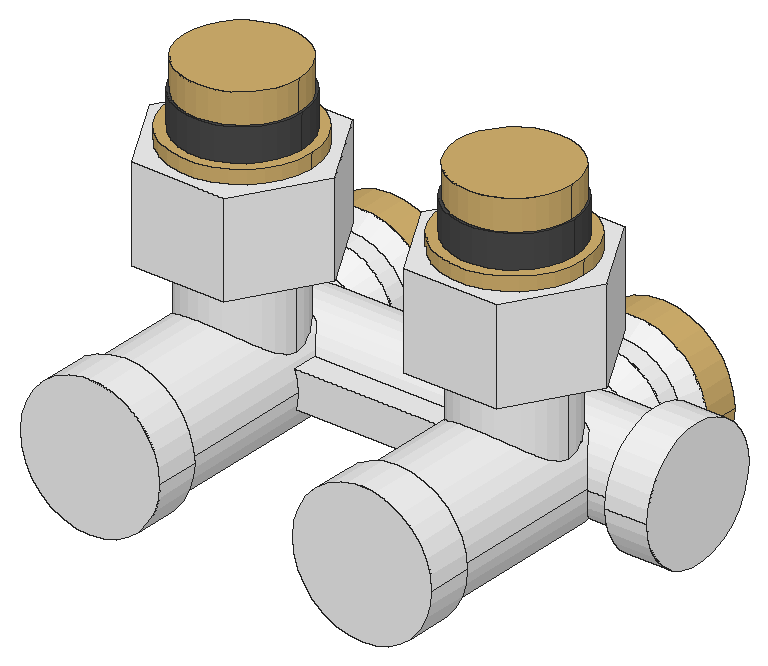
Revit family "1RLV-K_Angle_DN15-DN20_RFA", category Pipe Accessories, Revit 2019
Family settings
  Round Connector Dimension = Use Diameter
  Part Type = Valve - Breaks Into
  OmniClass Number = 23.65.55.14.17
  OmniClass Title = Adjusting/Controlling Valves for Liquid Services
  Work Plane-Based = No
  Always vertical = Yes
  Cut with Voids When Loaded = No
  Shared = No
Parameters (values of type "RLV-K_Angle_DN15-20_003L0282")
  Weight = 0.51 kg
  W1 = 34.9 mm  # constant formula
  W [instance] = 68.9 mm
  Valve Body Material = Danfoss Nickel Plated Brass
  Use Minimum Symbol Size [instance] = no
  URL = "https://store.danfoss.com/en/Climate-Solutions-for-heating/Radiator-Thermostats/Lockshield-Valves/H-piece-Valve/c/6173?q=%3Arelevance%3Adanfoss_producttypehierarchydesc%3ARLV-K&text="
  TD = R_2 * 2  # 34.0 mm
  SWL2 [instance] = 50.0 mm
  SWL1 [instance] = 0.0 mm
  R_2 = 17.0 mm
  R_1 = 10.0 mm
  RV3 = 12.8 mm
  RV1 = 11.65 mm
  RN = 13.2 mm
  R7 = 10.5 mm
  R6 = 11.0 mm
  R5 = 17.0 mm
  R4 = 12.8 mm
  R2 = 11.5 mm
  R11 = 11.0 mm
  Pressure Drop [instance] = 0.0 Pa
  NW1 = 8.0 mm
  NL2 = 17.0 mm
  Model Type = "RLV-K_Angle_DN15-20"
  Max Operating Pressure = "10 bar"  # constant formula
  Max Medium Temperature = "120 ˚C"  # constant formula
  L [instance] = 91.653 mm
  Kvs = 1.4 m³/h
  IfcExportType = "RLV-K"  # constant formula
  IfcExportAs = "IfcValveType"  # constant formula
  HT6 = 14.0 mm
  Model = "003L0282"
  Manufacturer = "Danfoss"  # constant formula
  L_EQ = 25.0 mm
  LOD 350 = not(LOD 200)  # yes
  LOD 200 = no
  HT2 = 17.0 mm
  HT1 = 26.5 mm
  HT5 = 6.0 mm
  HT4 = 0.0 mm
  HT3 = 2.5 mm
  HB1 = 6.3 mm
  H0 = 34.0 mm
  H = 64.5 mm
  Flow [instance] = 0.0 m³/h
  Description = "H-piece"  # constant formula
  DR = 15 mm
  DN15_LOD 350 = if(and(LOD 350, DR = 15.0 mm), 1 = 1, 1 = 0)  # yes
  DN15_LOD 200 = if(and(LOD 200, DR = 15.0 mm), 1 = 1, 1 = 0)  # no
  D = 20.0 mm  # constant formula
  CenSd_R5_6 = R5 * cos(30.00°)  # 14.722 mm
  CGAP = 50.0 mm
  CC_2 = 25.0 mm
Types (2, lengths in mm): name | Weight | RV3 | RN | Model Type | HT6 | Model | HT5 | HT4 | H | DR | DN15_LOD 350
  RLV-K_Angle_DN15-20_003L0282 | 0.51 kg | 12.8 | 13.2 | "RLV-K_Angle_DN15-20" | 14.0 | "003L0282" | 6.0 | 0.0 | 64.5 | 15 | yes
  RLV-K_Angle_DN20-20_003L0283 | 0.47 kg | 9.0 | 13.3 | "RLV-K_Angle_DN20-20" | 15.0 | "003L0283" | 11.0 | 6.0 | 52.0 | 20 | no
Reference planes
  plane 1 "Center (Front/Back)": y = 0
  plane 2 "XYPLANE": z = 0
  plane 3 "Center (Left/Right)": x = 0
  plane 4 "394": y = 22.85
  plane 5 "339": z = 52
  plane 6 "318": y = -34.9
  plane 7 "316": z = 57.5
  plane 8 "234": z = 46
  plane 9 "217": z = 43.5
  plane 10 "216": z = 26.5
  plane 11 "186": z = -14
  plane 12 "183": x = 25
  plane 13 "182": x = -25
  plane 14 "174": x = 42
  plane 15 "129": x = -42
  plane 16 "104": y = 17
  plane 17 "101": x = 0
  plane 18 "79": x = 25
  plane 19 "77": x = -25
  plane 20 "76": z = 0
  plane 21 "44": y = 0
  plane 22: x = 25
  plane 23: x = -25
  plane 24: z = -4.85
  plane 25: z = 18.45
  plane 26 "C": z = 6.8
  plane 27: y = 11.2
  plane 28: y = 34
  plane 29: y = 27.7
  plane 30: y = 6
  plane 31: z = -6
Forms (mm)
  Extrusion 1, solid, material "Danfoss Brass", visible <- "DN15_LOD 350", detail levels fine
    sketch origin (-750, 0, 53.5) x (1, 0, 0) y (0, 1, 0)
      loop
        circle (775, 0) r 10.5
    from -1.5 to 4
  Extrusion 2, solid, material "Danfoss Brass", visible <- "DN15_LOD 350", detail levels fine
    sketch origin (-750, 0, 56.5) x (1, 0, 0) y (0, 1, 0)
      loop
        circle (725, 0) r 10.5
    from -4.5 to 1
  Extrusion 3, solid, material "Danfoss Plastic Black", visible <- "DN15_LOD 350", detail levels fine
    sketch origin (-750, 0, 52) x (1, 0, 0) y (0, 1, 0)
      loop
        circle (775, 0) r 11
    from -6 to 0 <- "HT4"
  Extrusion 4, solid, material "Danfoss Plastic Black", visible <- "DN15_LOD 350", detail levels fine
    sketch origin (-750, 0, 52) x (1, 0, 0) y (0, 1, 0)
      loop
        circle (725, 0) r 11
    from -6 to 0
  Extrusion 5, solid, material "Danfoss Brass", visible <- "LOD 350", detail levels fine
    sketch origin (-750, 0, 43.5) x (1, 0, 0) y (0, 1, 0)
      loop
        circle (775, 0) r 12.8
    from 0 to 2.5 <- "HT3"
  Extrusion 6, solid, material "Danfoss Brass", visible <- "LOD 350", detail levels fine
    sketch origin (-750, 0, 43.5) x (1, 0, 0) y (0, 1, 0)
      loop
        circle (725, 0) r 12.8
    from 0 to 2.5 <- "HT3"
  Extrusion 7, solid, material "Danfoss Nickel Plated Brass" <- "Valve Body Material", visible <- "LOD 350", detail levels fine
    sketch origin (-750, 0, 26.5) x (1, 0, 0) y (0, 1, 0)
      loop
        line (766.5, 14.722) -> (758, 0) -> (766.5, -14.722) -> (783.5, -14.722) -> (792, 0) -> (783.5, 14.722) -> (766.5, 14.722)
    from 0 to 17 <- "NL2"
  Extrusion 8, solid, material "Danfoss Nickel Plated Brass" <- "Valve Body Material", visible <- "LOD 350", detail levels fine
    sketch origin (-750, 0, 26.5) x (1, 0, 0) y (0, 1, 0)
      loop
        line (716.5, 14.722) -> (708, 0) -> (716.5, -14.722) -> (733.5, -14.722) -> (742, 0) -> (733.5, 14.722) -> (716.5, 14.722)
    from 0 to 17
  Extrusion 9, solid, material "Danfoss Nickel Plated Brass" <- "Valve Body Material", visible <- "LOD 200", detail levels fine
    sketch origin (-750, 0, 26.5) x (1, 0, 0) y (0, 1, 0)
      loop
        circle (725, 0) r 17
      loop
        circle (775, 0) r 17
    from 0 to 17
  Extrusion 10, solid, material "Danfoss Nickel Plated Brass" <- "Valve Body Material", visible <- "LOD 200", detail levels fine
    sketch origin (-750, 0, -22) x (1, 0, 0) y (0, 1, 0)
      loop
        circle (725, 0) r 10.5
      loop
        circle (775, 0) r 10.5
    from 28.8 to 48.5
  Revolve 11, solid, material "Danfoss Nickel Plated Brass" <- "Valve Body Material", visible <- "LOD 350", detail levels fine
    sketch origin (0, 0, 0) x (1, 0, 0) y (0, 0, 1)
      loop
        line (-25, 26.5) -> (-25, 6.8) -> (-15, 6.8) -> (-15, 26.5) -> (-25, 26.5)
      axis (-25, 26.5) -> (-25, 6.8)
    angle from 0 to 360
  Revolve 12, solid, material "Danfoss Nickel Plated Brass" <- "Valve Body Material", visible <- "LOD 350", detail levels fine
    sketch origin (0, 0, 0) x (-1, 0, 0) y (0, 0, 1)
      loop
        line (-25, 26.5) -> (-25, 6.8) -> (-15, 6.8) -> (-15, 26.5) -> (-25, 26.5)
      axis (-25, 26.5) -> (-25, 6.8)
    angle from 0 to 360
  Extrusion 13, solid, material "Danfoss Nickel Plated Brass" <- "Valve Body Material", detail levels fine
    sketch origin (0, 0, 0) x (0, 1, 0) y (0, 0, 1)
      loop
        circle (11.2, 6.8) r 11.65
    from 42 to 49.653
  Extrusion 14, solid, material "Danfoss Nickel Plated Brass" <- "Valve Body Material", detail levels fine
    sketch origin (750, -34.9, 0) x (-1, 0, 0) y (0, 0, 1)
      loop
        circle (725, 6.8) r 12.8
      loop
        circle (775, 6.8) r 12.8
    from 0 to 8 <- "NW1"
  Extrusion 15, solid, material "Danfoss Nickel Plated Brass" <- "Valve Body Material", detail levels fine
    sketch origin (750, -34.9, 0) x (-1, 0, 0) y (0, 0, 1)
      loop
        circle (775, 6.8) r 11.5
      loop
        circle (725, 6.8) r 11.5
    from 8 to 40.9
  Extrusion 16, solid, material "Danfoss Brass", visible <- "DN15_LOD 200", detail levels fine
    sketch origin (-750, 0, 43.5) x (1, 0, 0) y (0, 1, 0)
      loop
        circle (725, 0) r 12.8
      loop
        circle (775, 0) r 12.8
    from 0 to 14
  Extrusion 17, solid, material "Danfoss Nickel Plated Brass" <- "Valve Body Material", visible <- "LOD 350", detail levels fine
    sketch origin (-750, 0, 43.5) x (1, 0, 0) y (0, 1, 0)
      loop
        line (733.5, 11.2) -> (733.5, -1.595) -> (766.5, -1.595) -> (766.5, 11.2) -> (733.5, 11.2)
    from -39.531 to -32.873
  Extrusion 18, solid, material "Danfoss Nickel Plated Brass" <- "Valve Body Material", detail levels fine
    sketch origin (0, 0, 0) x (0, 1, 0) y (0, 0, 1)
      loop
        circle (11.2, 6.8) r 9
    from -23.077 to 42
  Extrusion 19, solid, material "Danfoss Brass", detail levels fine
    sketch origin (0, 0, 0) x (1, 0, 0) y (0, 0, 1)
      loop
        circle (25, 6.8) r 13.2
    from -27.7 to -34
  Extrusion 20, solid, material "Danfoss Brass", detail levels fine
    sketch origin (0, 0, 0) x (1, 0, 0) y (0, 0, 1)
      loop
        circle (-25, 6.8) r 13.2
    from -27.7 to -34
  Revolve 21, solid, material "Danfoss Nickel Plated Brass" <- "Valve Body Material", visible <- "LOD 350", detail levels fine
    sketch origin (0, 0, 6.8) x (0, -1, 0) y (1, 0, 0)
      loop
        line (-27.7, -25) -> (0, -25) -> (0, -16.447) -> (-17.069, -16.447) -> (-21.185, -13.948) -> (-24.761, -13.948) -> (-27.7, -11.733) -> (-27.7, -25)
      axis (0, -25) -> (-27.7, -25)
    angle from 0 to 360
  Revolve 22, solid, material "Danfoss Nickel Plated Brass" <- "Valve Body Material", visible <- "LOD 350", detail levels fine
    sketch origin (0, 0, 6.8) x (0, -1, 0) y (-1, 0, 0)
      loop
        line (-27.7, -25) -> (0, -25) -> (0, -16.447) -> (-17.069, -16.447) -> (-21.185, -13.948) -> (-24.761, -13.948) -> (-27.7, -11.733) -> (-27.7, -25)
      axis (0, -25) -> (-27.7, -25)
    angle from 0 to 360
  Revolve 23, solid, material "Danfoss Nickel Plated Brass" <- "Valve Body Material", visible <- "LOD 200", detail levels fine
    sketch origin (0, 0, 6.8) x (0, -1, 0) y (1, 0, 0)
      loop
        line (-27.7, -25) -> (-11.2, -25) -> (-11.2, -13.948) -> (-27.7, -13.948) -> (-27.7, -25)
      axis (-27.7, -25) -> (-11.2, -25)
    angle from 0 to 360
  Revolve 24, solid, material "Danfoss Nickel Plated Brass" <- "Valve Body Material", visible <- "LOD 200", detail levels fine
    sketch origin (0, 0, 6.8) x (0, -1, 0) y (1, 0, 0)
      loop
        line (-27.7, 25) -> (-27.7, 13.948) -> (-11.2, 13.948) -> (-11.2, 25) -> (-27.7, 25)
      axis (-27.7, 25) -> (-11.2, 25)
    angle from 0 to 360
Lines and regions (mm)
  reference lines, not visible
    curve 1: circle (2, 2, 0) r 1 normal (0, 0, 1)
  reference lines
    curve 2: circle (0, 22.85, 0) r 1 normal (0, 1, 0)
    curve 3: circle (0, 0, -6.5) r 1 normal (0, 0, 1)
    curve 4: line (25, 0, 26.5) -> (33.5, 0, 26.5)
    curve 5: line (25, 0, 26.5) -> (29.25, -7.361, 26.5)
    curve 6: line (25, 0, 26.5) -> (20.75, -7.361, 26.5)
    curve 7: line (-25, 0, 26.5) -> (-16.5, 0, 26.5)
    curve 8: line (-25, 0, 26.5) -> (-20.75, -7.361, 26.5)
    curve 9: line (-25, 0, 26.5) -> (-29.25, -7.361, 26.5)
Dimensions and locks
  plane 1 "Center (Front/Back)" to curve 1 = 2.0 mm
  "W1": plane 1 "Center (Front/Back)" to plane 6 "318"
  "HT3": plane 9 "217" to plane 8 "234"
  "SWL2": plane 19 "77" to plane 12 "183"
  "SWL1": plane 19 "77" to plane 13 "182"
  "R5": plane 18 "79" to plane 14 "174"
  "R5": plane 19 "77" to plane 15 "129"
  "R5": plane 1 "Center (Front/Back)" to plane 16 "104"
  locked: plane 3 "Center (Left/Right)" to plane 17 "101"
  "CGAP": plane 19 "77" to plane 18 "79"
  "CC_2": plane 3 "Center (Left/Right)" to plane 19 "77"
  locked: plane 2 "XYPLANE" to plane 20 "76"
  locked: plane 1 "Center (Front/Back)" to plane 21 "44"
  "CenSd_R5_6": curve 4 to Extrusion 7 sketch curve  (x2)
  "CenSd_R5_6": curve 5 to Extrusion 7 sketch curve  (x2)
  "CenSd_R5_6": curve 6 to Extrusion 7 sketch curve  (x2)
  Extrusion 7 sketch curve to Extrusion 7 sketch curve = 0.0 mm  (x12)
  "CenSd_R5_6": curve 7 to Extrusion 8 sketch curve  (x2)
  "CenSd_R5_6": curve 8 to Extrusion 8 sketch curve  (x2)
  "CenSd_R5_6": curve 9 to Extrusion 8 sketch curve  (x2)
  Extrusion 8 sketch curve to Extrusion 8 sketch curve = 0.0 mm  (x12)
  plane 7 "316" to level = 57.5 mm
  "L_EQ": plane 22 to plane 17 "101" to plane 23
  "HT1": plane 10 "216" to level
  "HT2": plane 9 "217" to plane 10 "216"
  Revolve 11 sketch curve to plane 19 "77" = 10.0 mm
  Revolve 12 sketch curve to plane 18 "79" = 10.0 mm
  equal spacing: plane 25, plane 26 "C", plane 24
  locked: plane 26 "C" to level at 6.8
  locked: plane 1 "Center (Front/Back)" to plane 27 at 11.2
  "RV1": plane 4 "394" to plane 27
  "HT6": plane 7 "316" to plane 9 "217"
  "HT5": plane 5 "339" to plane 8 "234"
  "HB1": plane 28 to plane 29
  "H0": plane 28 to plane 21 "44"
  Revolve 22 sketch curve to plane 22 = 8.553 mm
  Revolve 22 sketch curve to plane 22 = 11.052 mm
  plane 23 to Revolve 23 sketch curve = 11.052 mm
  Revolve 24 sketch curve to plane 22 = 11.052 mm
  Extrusion 17 sketch curve to Extrusion 17 sketch curve = 12.795 mm
  Extrusion 17 sketch curve to Extrusion 17 sketch curve = 33.0 mm
  equal spacing: Extrusion 17 sketch curve, plane 17 "101", Extrusion 17 sketch curve
  locked: plane 30 to plane 1 "Center (Front/Back)" at 6
  "R4": plane 26 "C" to plane 31
  plane 7 "316" to plane 31 = 63.5 mm
  plane 8 "234" to plane 31 = 52.0 mm
  "L": Extrusion 13 to plane 15 "129"
  "W": plane 6 "318" to plane 28
  "R7": radius of Extrusion 1 sketch curve
  "R7": radius of Extrusion 2 sketch curve
  "R11": radius of Extrusion 3 sketch curve
  "R11": radius of Extrusion 4 sketch curve
  "RV3": radius of Extrusion 5 sketch curve
  "RV3": radius of Extrusion 6 sketch curve
  "R_2": radius of Extrusion 9 sketch curve  (x2)
  "R7": radius of Extrusion 10 sketch curve  (x2)
  "RV1": radius of Extrusion 13 sketch curve
  "R4": radius of Extrusion 14 sketch curve  (x2)
  "R2": radius of Extrusion 15 sketch curve  (x2)
  "R4": radius of Extrusion 16 sketch curve  (x2)
  radius of Extrusion 18 sketch curve = 9.0 mm
  "RN": radius of Extrusion 19 sketch curve
  "RN": radius of Extrusion 20 sketch curve
  locked: curve 5 to curve 4 (angle 60.00°)
  locked: curve 6 to curve 5 (angle 60.00°)
  locked: curve 6 to curve 4 (angle 120.00°)
  locked: curve 8 to curve 7 (angle 60.00°)
  locked: curve 9 to curve 8 (angle 60.00°)
  locked: curve 9 to curve 7 (angle 120.00°)
  aligned and locked: level to plane 2 "XYPLANE"
  aligned and locked: curve 2 to plane 17 "101"
  aligned and locked: plane 20 "76" to curve 2
  aligned and locked: plane 18 "79" to Extrusion 1 sketch curve
  aligned and locked: plane 21 "44" to Extrusion 1 sketch curve
  aligned and locked: plane 19 "77" to Extrusion 2 sketch curve
  aligned and locked: plane 21 "44" to Extrusion 2 sketch curve
  aligned and locked: plane 18 "79" to Extrusion 3 sketch curve
  aligned and locked: plane 21 "44" to Extrusion 3 sketch curve
  aligned and locked: plane 19 "77" to Extrusion 4 sketch curve
  aligned and locked: plane 21 "44" to Extrusion 4 sketch curve
  aligned and locked: plane 17 "101" to curve 3
  aligned and locked: plane 21 "44" to curve 3
  aligned and locked: plane 18 "79" to Extrusion 5 sketch curve
  aligned and locked: plane 21 "44" to Extrusion 5 sketch curve
  aligned and locked: plane 19 "77" to Extrusion 6 sketch curve
  aligned and locked: plane 21 "44" to Extrusion 6 sketch curve
  aligned and locked: plane 18 "79" to curve 6
  aligned and locked: plane 21 "44" to curve 6
  aligned and locked: plane 19 "77" to curve 8
  aligned and locked: plane 21 "44" to curve 8
  aligned and locked: Extrusion 8 to plane 10 "216"
  aligned and locked: plane 9 "217" to Extrusion 8
  aligned and locked: plane 19 "77" to Revolve 11 sketch curve
  aligned and locked: plane 10 "216" to Revolve 11 sketch curve
  aligned and locked: Revolve 11 sketch curve to plane 19 "77"
  aligned and locked: Revolve 12 sketch curve to plane 10 "216"
  aligned and locked: plane 26 "C" to Extrusion 13 sketch curve
  aligned and locked: plane 27 to Extrusion 13 sketch curve
  aligned and locked: Extrusion 13 to plane 14 "174"
  aligned and locked: plane 18 "79" to Extrusion 14 sketch curve
  aligned and locked: plane 26 "C" to Extrusion 14 sketch curve  (x2)
  aligned and locked: plane 19 "77" to Extrusion 14 sketch curve
  aligned and locked: plane 18 "79" to Extrusion 15 sketch curve
  aligned and locked: plane 26 "C" to Extrusion 15 sketch curve  (x2)
  aligned and locked: plane 19 "77" to Extrusion 15 sketch curve
  aligned and locked: Extrusion 15 to Extrusion 14
  aligned and locked: plane 9 "217" to Extrusion 7
  aligned and locked: plane 10 "216" to Extrusion 10
  aligned and locked: plane 9 "217" to Extrusion 9
  aligned and locked: Extrusion 9 to plane 10 "216"
  aligned and locked: plane 23 to Extrusion 16 sketch curve
  aligned and locked: plane 21 "44" to Extrusion 16 sketch curve  (x2)
  aligned and locked: plane 22 to Extrusion 16 sketch curve
  aligned and locked: Extrusion 16 to plane 9 "217"
  aligned and locked: plane 7 "316" to Extrusion 16
  aligned and locked: Extrusion 4 to plane 8 "234"
  aligned and locked: plane 5 "339" to Extrusion 4
  aligned and locked: Extrusion 2 to plane 5 "339"
  aligned and locked: plane 7 "316" to Extrusion 2
  aligned and locked: Extrusion 3 to plane 8 "234"
  aligned and locked: Extrusion 1 to plane 5 "339"
  aligned and locked: plane 7 "316" to Extrusion 1
  aligned and locked: Extrusion 18 to Extrusion 7
  aligned and locked: plane 27 to Extrusion 18 sketch curve
  aligned and locked: plane 26 "C" to Extrusion 18 sketch curve
  aligned and locked: plane 22 to Extrusion 19 sketch curve
  aligned and locked: plane 26 "C" to Extrusion 19 sketch curve
  aligned and locked: plane 23 to Extrusion 20 sketch curve
  aligned and locked: plane 26 "C" to Extrusion 20 sketch curve
  aligned and locked: Extrusion 19 to plane 29
  aligned and locked: Extrusion 20 to plane 29
  aligned and locked: plane 28 to Extrusion 20
  aligned and locked: plane 28 to Extrusion 19
  aligned and locked: Revolve 21 sketch curve to plane 23
  aligned and locked: Revolve 21 sketch curve to plane 29
  aligned and locked: Revolve 21 sketch curve to plane 21 "44"
  aligned and locked: Revolve 21 sketch curve to Revolve 21 sketch curve  (x2)
  aligned and locked: Revolve 11 sketch curve to plane 26 "C"
  aligned and locked: plane 26 "C" to Revolve 12 sketch curve
  aligned and locked: Revolve 22 sketch curve to Revolve 22 sketch curve  (x2)
  aligned and locked: plane 21 "44" to Revolve 22 sketch curve
  aligned and locked: plane 29 to Revolve 22 sketch curve
  aligned and locked: Revolve 23 sketch curve to plane 23  (x2)
  aligned and locked: Revolve 23 sketch curve to plane 29
  aligned and locked: Revolve 23 sketch curve to plane 27
  aligned and locked: plane 29 to Revolve 24 sketch curve
  aligned and locked: plane 27 to Revolve 24 sketch curve
  aligned and locked: Extrusion 10 to plane 26 "C"
  aligned and locked: Extrusion 17 sketch curve to plane 27
  aligned and locked: Extrusion 15 to plane 30
  aligned and locked: plane 23 to nested 1
  aligned and locked: plane 1 "Center (Front/Back)" to nested 1
  aligned and locked: plane 9 "217" to nested 1
Automatic sketch dimensions
  plane 3 "Center (Left/Right)" to curve 1 = 2.0 mm
  Revolve 11 sketch curve to plane 11 "186" = 8.0 mm
  plane 7 "316" to Revolve 11 sketch curve = 9085.5 mm
  Revolve 12 sketch curve to plane 12 "183" = 0.0 mm  (x2)
  plane 11 "186" to Revolve 12 sketch curve = 8.0 mm
  Revolve 12 sketch curve to plane 7 "316" = 9085.5 mm
  Revolve 21 sketch curve to plane 28 = 0.0 mm
  plane 4 "394" to Revolve 21 sketch curve = 1.911 mm
  Revolve 21 sketch curve to plane 4 "394" = 1.665 mm
  plane 16 "104" to Revolve 21 sketch curve = 0.069 mm
  plane 13 "182" to Revolve 21 sketch curve = 8.553 mm
  Revolve 21 sketch curve to Revolve 21 sketch curve = 2.5 mm
  Revolve 21 sketch curve to Revolve 21 sketch curve = 2.215 mm
  Revolve 22 sketch curve to plane 12 "183" = 0.0 mm
  Revolve 22 sketch curve to plane 28 = 0.0 mm
  Revolve 22 sketch curve to plane 4 "394" = 1.911 mm
  plane 4 "394" to Revolve 22 sketch curve = 1.665 mm
  Revolve 22 sketch curve to plane 16 "104" = 0.069 mm
  Revolve 22 sketch curve to Revolve 22 sketch curve = 2.215 mm
  plane 28 to Revolve 23 sketch curve = 1408.421 mm
  Revolve 23 sketch curve to plane 6 "318" = 2791.616 mm
  Revolve 24 sketch curve to plane 12 "183" = 0.0 mm  (x2)
  plane 28 to Revolve 24 sketch curve = 1408.421 mm
  Revolve 24 sketch curve to plane 6 "318" = 2791.616 mm
  plane 1 "Center (Front/Back)" to Extrusion 9 sketch curve = 0.0 mm  (x2)
  Extrusion 9 sketch curve to plane 13 "182" = 0.0 mm
  Extrusion 9 sketch curve to plane 12 "183" = 0.0 mm
  plane 1 "Center (Front/Back)" to Extrusion 10 sketch curve = 0.0 mm  (x2)
  Extrusion 10 sketch curve to plane 13 "182" = 0.0 mm
  Extrusion 10 sketch curve to plane 12 "183" = 0.0 mm
  radius of curve 1 = 1.0 mm
  radius of curve 2 = 1.0 mm
  radius of curve 3 = 1.0 mm
Nested families
  nested 1: "Schematic_H-piece Angle" at (0, 0, 9.5), type "Schematic_H-piece Angle", detail levels coarse+medium
Connectors
  piping at (-25, 0, 43.5), diameter 15, driven by "DR", driven by "Flow"
    settings: on Extrusion 8, index 1, connector inside diameter 609.6 mm, connector length 0.0 mm, flow factor 0, pipe flow 0.0 m³/h, pressure drop 0.0 Pa, fitting loss kfactor 0, connector angle 0.00°, fixture units 0, engagement length 0.0 mm, angle of deflection 0.00°, flow configuration 0, flow direction 0, fitting loss method 0, system type 29, joint type 0, gender type 0, connector reference index 4, connector utility 0, adjustable connector no, is connector primary yes, connector description ""
  piping at (25, 0, 43.5), diameter 15, driven by "DR", driven by "Flow"
    settings: on Extrusion 7, index 2, connector inside diameter 609.6 mm, connector length 0.0 mm, flow factor 0, pipe flow 0.0 m³/h, pressure drop 0.0 Pa, fitting loss kfactor 0, connector angle 0.00°, fixture units 0, engagement length 0.0 mm, angle of deflection 0.00°, flow configuration 0, flow direction 0, fitting loss method 0, system type 29, joint type 0, gender type 0, connector reference index 3, connector utility 0, adjustable connector no, is connector primary no, connector description ""
  piping at (25, 34, 6.8), diameter 20, driven by "D", driven by "Flow"
    settings: on Extrusion 19, index 3, connector inside diameter 609.6 mm, connector length 0.0 mm, flow factor 0, pipe flow 0.0 m³/h, pressure drop 0.0 Pa, fitting loss kfactor 0, connector angle 0.00°, fixture units 0, engagement length 0.0 mm, angle of deflection 0.00°, flow configuration 0, flow direction 0, fitting loss method 0, system type 29, joint type 0, gender type 0, connector reference index 2, connector utility 0, adjustable connector no, is connector primary no, connector description ""
  piping at (-25, 34, 6.8), diameter 20, driven by "D", driven by "Flow"
    settings: on Extrusion 20, index 4, connector inside diameter 609.6 mm, connector length 0.0 mm, flow factor 0, pipe flow 0.0 m³/h, pressure drop 0.0 Pa, fitting loss kfactor 0, connector angle 0.00°, fixture units 0, engagement length 0.0 mm, angle of deflection 0.00°, flow configuration 0, flow direction 0, fitting loss method 0, system type 29, joint type 0, gender type 0, connector reference index 1, connector utility 0, adjustable connector no, is connector primary no, connector description ""
Definition of nested family "Schematic_H-piece Angle"
  Parameters (values of type "Schematic_H-piece Angle")
    W1 = 29.0 mm
    L_EQ = 10.0 mm
    L = 55.0 mm
    L1 = D / 4  # 7.5 mm
    H1 = 30.0 mm
    D = 30.0 mm
  Reference planes
    plane 1 "Center (Front/Back)": y = 0
    plane 2: z = 0
    plane 3 "Center (Left/Right)": x = 0
    plane 4 "Centre/Right": x = 25
    plane 5 "Centre/Left": x = -25
    plane 6: y = -27.5
    plane 7 "D_1": x = -40
    plane 8 "M1": x = 10
    plane 9 "D": x = 40
    plane 10 "M2": x = -10
    plane 11: z = -15
    plane 12: z = 30
    plane 13: z = 15
    plane 14: z = -15
    plane 15 "H1": x = 47.5
    plane 16 "H1_1": x = -47.5
    plane 17: y = 15
    plane 18: y = -15
    plane 19: y = 30
  Lines and regions (mm)
    model lines
      curve 1: line (25, 0, 0) -> (25, -15, 30)
      curve 2: line (25, -15, 30) -> (25, 15, 30)
      curve 3: line (25, 15, 30) -> (25, 0, 0)
      curve 4: line (-25, 15, 30) -> (-25, 0, 0)
      curve 5: line (-25, -15, 30) -> (-25, 15, 30)
      curve 6: line (-25, 0, 0) -> (-25, -15, 30)
      curve 7: line (25, 0, 0) -> (25, 30, 15)
      curve 8: line (25, 30, 15) -> (25, 30, -15)
      curve 9: line (25, 30, -15) -> (25, 0, 0)
      curve 10: line (-25, 0, 0) -> (-25, 30, 15)
      curve 11: line (-25, 30, 15) -> (-25, 30, -15)
      curve 12: line (-25, 30, -15) -> (-25, 0, 0)
    symbolic lines
      curve 13: line (25, 0, 0) -> (10, 30, 0)
      curve 14: line (40, 30, 0) -> (25, 0, 0)
      curve 15: line (10, 30, 0) -> (40, 30, 0)
      curve 16: line (-10, 30, 0) -> (-25, 0, 0)
      curve 17: line (-25, 0, 0) -> (-40, 30, 0)
      curve 18: line (-40, 30, 0) -> (-10, 30, 0)
  Dimensions and locks
    plane 6 to plane 1 "Center (Front/Back)" = 27.5 mm
    "D": plane 18 to plane 17
    equal spacing: plane 18, plane 1 "Center (Front/Back)", plane 17
    plane 18 to plane 17 = 30.0 mm
    "L_EQ": plane 10 "M2" to plane 3 "Center (Left/Right)"
    "L_EQ": plane 3 "Center (Left/Right)" to plane 8 "M1"
    "D": plane 1 "Center (Front/Back)" to plane 19
    "D": plane 13 to plane 14
    plane 13 to level to plane 14 = 15.0 mm, 15.0 mm
    "D": plane 12 to level
    aligned and locked: level to plane 2
    aligned and locked: curve 2 to plane 12
    aligned and locked: curve 4 to curve 3
    aligned and locked: curve 5 to curve 2
    aligned and locked: curve 6 to curve 1
    aligned and locked: plane 19 to curve 8
    aligned and locked: curve 11 to plane 19
    aligned and locked: plane 19 to curve 15
    aligned and locked: plane 19 to curve 18
  Automatic sketch dimensions
    curve 1 to plane 18 = 0.0 mm
    curve 9 to level = 0.0 mm
    curve 9 to plane 1 "Center (Front/Back)" = 0.0 mm
    curve 2 to plane 17 = 0.0 mm
    curve 8 to plane 14 = 0.0 mm
    curve 7 to plane 13 = 0.0 mm
    curve 12 to plane 14 = 0.0 mm
    curve 10 to plane 13 = 0.0 mm
    curve 13 to plane 4 "Centre/Right" = 0.0 mm
    plane 1 "Center (Front/Back)" to curve 14 = 0.0 mm
    curve 15 to plane 8 "M1" = 0.0 mm
    curve 15 to plane 9 "D" = 0.0 mm
    plane 1 "Center (Front/Back)" to curve 17 = 0.0 mm
    curve 17 to plane 5 "Centre/Left" = 0.0 mm
    curve 18 to plane 7 "D_1" = 0.0 mm
    curve 18 to plane 10 "M2" = 0.0 mm
